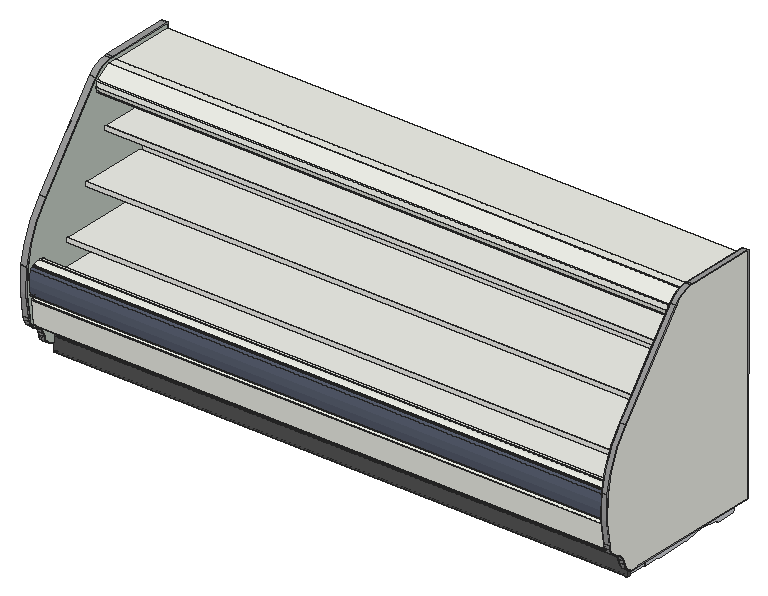
Revit family "IC2XSM_2014", category Specialty Equipment, Revit 2014
Parameters (values of type "12'-0" Length")
  Width = 144 1/2"
  Waste Drain = 1 1/4"  # constant formula
  URL = "www.hussmann.com"
  Type Comments = ""
  Trim = Stainless Steel
  Total Weight = Case Weight + (2 * End Weight)  # 1350.00 lbf
  Top Clearance = 1 1/2"  # constant formula
  Splashguard = Textured Sheet Metal (Steel Painted) - 701 Black
  Side Panel - Right [instance] = yes
  Side Panel - Left [instance] = yes
  Shelves = Sheet Metal (Steel Painted) - 700 Interior White
  Shelf Lights [instance] = yes
  Shelf = yes
  Revit Family Date = "11/25/2015"  # constant formula
  Refrigeration Lines Suction = 7/8"  # constant formula
  Refrigeration Lines Liquid = 3/8"  # constant formula
  Refrig. Suction = "Suction"
  Refrig. Liquid = "Liquid"
  Number of Shelves = 3  # constant formula
  Note from Manufacturer = "This model only comes in 4'-0\", 6'-0\", 8'-0\", and 12'-0\" lengths."
  Model = "IC2XSM"  # constant formula
  Manufacturer Disclaimer = "The information in this file is not intended to be an exact representation of the corresponding Hussmann product.  Further, we reserve the right to change or revise specifications and product design in connection with any feature of our products. Such changes do not entitle the buyer to corresponding changes, improvements, additions, or replacements for equipment previously sold or shipped."  # constant formula
  Manufacturer = "Hussmann Corporation"  # constant formula
  Height = 57 3/4"  # constant formula
  Ends = Textured Sheet Metal (Steel Painted) - 149 White Satin Matte
  End Weight = 75.00 lbf  # constant formula
  Drain Location = if(Width = 48 1/4", 24", if(Width = 72 1/4", 24", if(Width = 96 1/4", 24", if(Width = 144 1/2", 72", 0"))))  # 72"
  Description = ""
  Depth = 43 5/8"  # constant formula
  Clearance [instance] = no
  Case Weight = if(Width = 48 1/4", 600.00 lbf, if(Width = 72 1/4", 800.00 lbf, if(Width = 96 1/4", 1000.00 lbf, if(Width = 144 1/2", 1200.00 lbf, 0.00 lbf))))  # 1200.00 lbf
  Case Interior - Side Panel = Mirror
  Case Interior - Back Panel = Sheet Metal (Steel Painted) - 700 Interior White
  Case = Textured Sheet Metal (Steel Painted) - 149 White Satin Matte
  Bumper = Extruded PVC - 739 Royal Blue
  Back Clearance = 1 1/2"  # constant formula
  Assembly Code = ""
  Accessories/Options = ""
  8 Case = Width = 96 1/4"  # no
  6 Case = Width = 72 1/4"  # no
  12 Case = Width = 144 1/2"  # yes
Reference planes (in)
  plane 1 "Back": y = 0
  plane 2 "Bottom": z = 0
  plane 3 "Top": z = 57.75
  plane 4 "Left": x = -77.30699
  plane 5 "Front": y = -43.625
  plane 6 "Center (Left/Right)": x = -5.05699
  plane 7: y = 1.5
  plane 8: x = -78.80699
  plane 9 "Right": x = 67.19301
  plane 10: x = 68.69301
  plane 11: z = 24
  plane 12: z = 59.25
  plane 13: z = 44
  plane 14: z = 34
Forms (in)
  Extrusion 1, solid, material "Metal - Copper"
    sketch origin (63.0625, 1.04319, 0) x (1, 0, 0) y (0, 1, 0)
      loop
        arc (-67.86949, -33.91819) -> (-68.31143, -34.10125) -> (-68.49449, -34.54319) r 0.625
        arc (-68.49449, -34.54319) -> (-68.31143, -34.98513) -> (-67.86949, -35.16819) r 0.625
        arc (-67.86949, -35.16819) -> (-67.42754, -34.98513) -> (-67.24449, -34.54319) r 0.625
        arc (-67.24449, -34.54319) -> (-67.42754, -34.10125) -> (-67.86949, -33.91819) r 0.625
      loop
        circle (-67.86949, -34.54319) r 0.5852
    from 5.56944 to 0
  Extrusion 2, solid, material "Metal - Copper"
    sketch origin (57.40105, 5, -0.375) x (1, 0, 0) y (0, 1, 0)
      loop
        circle (0.85446, -33.75) r 0.41359
      loop
        circle (0.85446, -33.75) r 0.4375
    from 5.94444 to 0.375
  Extrusion 3, solid, material "Metal - Copper"
    sketch origin (59.82608, 5, -0.375) x (1, 0, 0) y (0, 1, 0)
      loop
        circle (-0.94557, -33.75) r 0.17188
      loop
        circle (-0.94557, -33.75) r 0.1875
    from 5.94444 to 0.375
  Extrusion 4, solid, material "Textured Sheet Metal (Steel Painted) - 149 White Satin Matte" <- "Case"
    sketch origin (-5.05699, 0, 0) x (0, 1, 0) y (0, 0, 1)
      loop
        line (-6.51268, 55.28301) -> (-6.51268, 16.6168) -> (-6.91828, 16.6168)
        arc (-6.91828, 16.6168) -> (-7.25281, 16.48835) -> (-7.41541, 16.16902) r 0.49985
        arc (-7.41541, 16.16902) -> (-7.47447, 15.77871) -> (-7.56901, 15.39546) r 4.3077
        line (-7.56901, 15.39546) -> (-8.2045, 15.37959)
        arc (-8.2045, 15.37959) -> (-8.38123, 15.45279) -> (-8.45443, 15.62952) r 0.24992
        line (-8.45443, 15.62952) -> (-8.45443, 15.73049) -> (-8.45443, 15.79247) -> (-8.45443, 15.9914)
        arc (-8.45443, 15.9914) -> (-8.50274, 16.10804) -> (-8.61938, 16.15635) r 0.16495
        line (-8.61938, 16.15635) -> (-19.37919, 16.15635)
        arc (-19.37919, 16.15635) -> (-19.46976, 16.12926) -> (-19.53058, 16.05688) r 0.16495
        arc (-19.53058, 16.05688) -> (-19.5914, 15.98451) -> (-19.68198, 15.95742) r 0.16495
        line (-19.68198, 15.95742) -> (-23.20989, 15.95742)
        arc (-23.20989, 15.95742) -> (-24.122, 15.92845) -> (-25.03043, 15.84168) r 14.37659
        line (-25.03043, 15.84168) -> (-35.57184, 14.49597)
        arc (-35.57184, 14.49597) -> (-35.67679, 14.43899) -> (-35.71578, 14.32612) r 0.16495
        arc (-35.71578, 14.32612) -> (-35.77516, 14.15509) -> (-35.93417, 14.06876) r 0.24992
        line (-35.93417, 14.06876) -> (-36.91851, 13.9431) -> (-37.91016, 13.81651) -> (-38.11168, 13.77211) -> (-38.07571, 20.77844) -> (-38.25187, 21.81799)
        arc (-38.25187, 21.81799) -> (-38.25909, 21.83942) -> (-38.27258, 21.85757) r 0.07227
        line (-38.27258, 21.85757) -> (-39.20515, 22.77024)
        arc (-39.20515, 22.77024) -> (-39.22358, 22.78334) -> (-39.24516, 22.79009) r 0.07227
        line (-39.24516, 22.79009) -> (-40.16281, 22.92531)
        arc (-40.16281, 22.92531) -> (-40.21579, 22.91231) -> (-40.24459, 22.86598) r 0.07227
        arc (-40.24459, 22.86598) -> (-40.25606, 22.90537) -> (-40.29138, 22.92472) r 0.05018
        arc (-40.29138, 22.92472) -> (-41.31228, 22.8713) -> (-42.26157, 22.49189) r 3.13128
        arc (-42.26157, 22.49189) -> (-42.28099, 22.47035) -> (-42.28525, 22.44165) r 0.05019
        line (-42.28525, 22.44165) -> (-42.27579, 22.37729) -> (-42.05045, 21.99713) -> (-42.05045, 16.25127) -> (-42.33423, 15.83056) -> (-42.30002, 15.86476)
        spline (-42.30002, 15.86476) -> (-42.29059, 15.8725) -> (-42.27983, 15.87825) -> (-42.26816, 15.8818) -> (-42.25602, 15.88299) -> (-42.24388, 15.8818) -> (-42.23221, 15.87826) -> (-42.22145, 15.87251) -> (-42.21202, 15.86477) -> (-42.20428, 15.85534) -> (-42.19853, 15.84458) -> (-42.19499, 15.8329) -> (-42.1938, 15.82076)
        line (-42.1938, 15.82076) -> (-42.1938, 15.22088)
        spline (-42.1938, 15.22088) -> (-42.19412, 15.21452) -> (-42.1951, 15.20822) -> (-42.19671, 15.20206) -> (-42.19894, 15.19609) -> (-42.20177, 15.19038) -> (-42.20517, 15.185) -> (-42.2091, 15.17998) -> (-42.21352, 15.1754) -> (-42.21839, 15.17129) -> (-42.22365, 15.16771) -> (-42.22925, 15.16468) -> (-42.23513, 15.16224)
        line (-42.23513, 15.16224) -> (-42.23513, 15.53376)
        arc (-42.23513, 15.53376) -> (-42.26764, 15.58072) -> (-42.32304, 15.56685) r 0.05018
        line (-42.32304, 15.56685) -> (-42.79839, 15.02504)
        arc (-42.79839, 15.02504) -> (-42.8051, 14.9686) -> (-42.75482, 14.9421) r 0.05018
        line (-42.75482, 14.9421) -> (-42.15842, 8.98607)
        arc (-42.15842, 8.98607) -> (-42.15023, 8.96325) -> (-42.13228, 8.94697) r 0.05001
        line (-42.13228, 8.94697) -> (-36.21803, 5.77883)
        arc (-36.21803, 5.77883) -> (-36.17994, 5.77504) -> (-36.15033, 5.7993) r 0.05001
        line (-36.15033, 5.7993) -> (-36.06631, 5.95614) -> (-35.24876, 5.51819) -> (-35.22368, 5.56503) -> (-8.50716, 5.56503) -> (0, 10.08456) -> (0, 57.49119) -> (-16.15054, 57.49119)
        arc (-16.15054, 57.49119) -> (-16.24473, 57.60061) -> (-16.38321, 57.64144) r 0.25527
        line (-16.38321, 57.64144) -> (-18.60529, 57.64144)
        arc (-18.60529, 57.64144) -> (-18.64062, 57.63632) -> (-18.67305, 57.62139) r 0.12446
        line (-18.67305, 57.62139) -> (-22.1328, 55.37618)
        arc (-22.1328, 55.37618) -> (-22.16668, 55.34362) -> (-22.18607, 55.30081) r 0.12446
        line (-22.18607, 55.30081) -> (-22.50408, 53.97531)
        arc (-22.50408, 53.97531) -> (-22.50751, 53.94551) -> (-22.50371, 53.91575) r 0.12446
        line (-22.50371, 53.91575) -> (-22.24784, 52.90392)
        arc (-22.24784, 52.90392) -> (-22.22266, 52.8546) -> (-22.1786, 52.82109) r 0.12446
        line (-22.1786, 52.82109) -> (-21.87607, 52.68383)
        arc (-21.87607, 52.68383) -> (-21.80412, 52.67441) -> (-21.73914, 52.70672) r 0.12446
        line (-21.73914, 52.70672) -> (-21.53411, 52.90052)
        arc (-21.53411, 52.90052) -> (-21.501, 52.95327) -> (-21.49758, 53.01546) r 0.12446
        line (-21.49758, 53.01546) -> (-21.69138, 53.98135) -> (-21.4421, 54.43753) -> (-21.06895, 54.43753)
        arc (-21.06895, 54.43753) -> (-21.02898, 54.47585) -> (-21.06559, 54.5174) r 0.04001
        line (-21.06559, 54.5174) -> (-18.86012, 54.5174)
        arc (-18.86012, 54.5174) -> (-18.83622, 54.5223) -> (-18.81617, 54.53621) r 0.06074
        line (-18.81617, 54.53621) -> (-17.43064, 55.91552) -> (-17.43064, 55.28301) -> (-6.51268, 55.28301)
    from 72.25 to -72.25
  Extrusion 5, solid, material "Extruded PVC - 739 Royal Blue" <- "Bumper"
    sketch origin (-5.05699, 0, 0) x (0, 1, 0) y (0, 0, 1)
      loop
        arc (-43.11312, 16.18449) -> (-42.90005, 15.91085) -> (-42.60529, 15.72811) r 0.98415
        arc (-42.60529, 15.72811) -> (-42.57223, 15.71559) -> (-42.53878, 15.70413) r 1.11061
        arc (-42.53878, 15.70413) -> (-42.45215, 15.70488) -> (-42.38343, 15.75762) r 0.1365
        line (-42.38343, 15.75762) -> (-42.05045, 16.25127) -> (-42.05045, 21.99713) -> (-42.27579, 22.37729)
        arc (-42.27579, 22.37729) -> (-42.44345, 22.35247) -> (-42.60529, 22.30215) r 1.09805
        arc (-42.60529, 22.30215) -> (-42.90005, 22.11941) -> (-43.11312, 21.84576) r 0.98415
        arc (-43.11312, 21.84576) -> (-43.55654, 19.01513) -> (-43.11312, 16.18449) r 9.25648
    from 72.25 to -72.25
  Extrusion 6, solid, material "Textured Sheet Metal (Steel Painted) - 701 Black" <- "Splashguard"
    sketch origin (-5.05699, 0, 0) x (0, 1, 0) y (0, 0, 1)
      loop
        line (-35.56829, 3.68546) -> (-35.56829, 0.06236)
        arc (-35.56829, 0.06236) -> (-35.54342, 0.01927) -> (-35.49366, 0.01927) r 0.04975
        line (-35.49366, 0.01927) -> (-35.41903, 0.06236) -> (-35.22157, 0.06236)
        arc (-35.22157, 0.06236) -> (-35.14226, 0.01346) -> (-35.08169, 0.08426) r 0.07165
        line (-35.08169, 0.08426) -> (-35.08169, 3.96765)
        arc (-35.08169, 3.96765) -> (-35.10889, 4.012) -> (-35.16075, 4.00785) r 0.04975
        line (-35.16075, 4.00785) -> (-35.54785, 3.72567)
        arc (-35.54785, 3.72567) -> (-35.56289, 3.70802) -> (-35.56829, 3.68546) r 0.04975
    from 72.25 to -72.25
  Extrusion 7, solid, material "Sheet Metal (Steel Painted) - 700 Interior White" <- "Shelves"
    sketch origin (-5.05699, 0, 0) x (0, 1, 0) y (0, 0, 1)
      loop
        line (-10.4778, 17.57743) -> (-36.46981, 17.57743) -> (-36.46981, 17.08433) -> (-36.88069, 17.08433)
        arc (-36.88069, 17.08433) -> (-36.98062, 17.07117) -> (-37.07375, 17.0326) r 0.38613
        line (-37.07375, 17.0326) -> (-37.21958, 16.9484) -> (-37.21958, 16.55649) -> (-37.17361, 16.55649) -> (-36.88705, 16.72194) -> (-35.47012, 16.72194) -> (-35.47012, 16.95262) -> (-10.4778, 16.95262) -> (-10.4778, 17.09957) -> (-9.827, 17.09957) -> (-9.827, 16.73668) -> (-8.93227, 16.73668) -> (-8.93227, 16.59821)
        arc (-8.93227, 16.59821) -> (-8.9027, 16.52683) -> (-8.83132, 16.49726) r 0.10095
        line (-8.83132, 16.49726) -> (-7.8816, 16.49726) -> (-7.8816, 17.10907) -> (-8.83132, 17.10907)
        arc (-8.83132, 17.10907) -> (-8.85434, 17.10641) -> (-8.87614, 17.09857) r 0.10095
        line (-8.87614, 17.09857) -> (-9.4931, 17.09857)
        arc (-9.4931, 17.09857) -> (-9.37611, 17.14803) -> (-9.32765, 17.26502) r 0.16545
        arc (-9.32765, 17.26502) -> (-9.37611, 17.38201) -> (-9.4931, 17.43047) r 0.16545
        line (-9.4931, 17.43047) -> (-9.62218, 17.52973) -> (-10.4778, 17.52973) -> (-10.4778, 17.57743)
      loop
        arc (-8.38145, 16.1856) -> (-8.41805, 16.27396) -> (-8.50641, 16.31056) r 0.12496
        line (-8.50641, 16.31056) -> (-19.45705, 16.31056)
        arc (-19.45705, 16.31056) -> (-19.54785, 16.28332) -> (-19.60866, 16.21059) r 0.16495
        arc (-19.60866, 16.21059) -> (-19.66947, 16.13786) -> (-19.76027, 16.11062) r 0.16495
        line (-19.76027, 16.11062) -> (-23.20989, 16.11062)
        arc (-23.20989, 16.11062) -> (-24.13172, 16.08135) -> (-25.04983, 15.99365) r 14.5298
        line (-25.04983, 15.99365) -> (-36.39594, 14.54521)
        arc (-36.39594, 14.54521) -> (-36.47504, 14.53479) -> (-36.55386, 14.52247) r 3.33048
        arc (-36.55386, 14.52247) -> (-36.67572, 14.4772) -> (-36.72694, 14.35772) r 0.16495
        line (-36.72694, 14.35772) -> (-36.72694, 14.26117)
        arc (-36.72694, 14.26117) -> (-36.78929, 14.09602) -> (-36.94522, 14.01326) r 0.24992
        line (-36.94522, 14.01326) -> (-37.9194, 13.8889) -> (-37.91016, 13.81651) -> (-36.91851, 13.9431) -> (-35.93417, 14.06876)
        arc (-35.93417, 14.06876) -> (-35.77516, 14.15509) -> (-35.71578, 14.32612) r 0.24992
        arc (-35.71578, 14.32612) -> (-35.67679, 14.43899) -> (-35.57184, 14.49597) r 0.16495
        line (-35.57184, 14.49597) -> (-25.03043, 15.84168)
        arc (-25.03043, 15.84168) -> (-24.122, 15.92845) -> (-23.20989, 15.95742) r 14.37659
        line (-23.20989, 15.95742) -> (-19.68198, 15.95742)
        arc (-19.68198, 15.95742) -> (-19.5914, 15.98451) -> (-19.53058, 16.05688) r 0.16495
        arc (-19.53058, 16.05688) -> (-19.46976, 16.12926) -> (-19.37919, 16.15635) r 0.16495
        line (-19.37919, 16.15635) -> (-8.61938, 16.15635)
        arc (-8.61938, 16.15635) -> (-8.50274, 16.10804) -> (-8.45443, 15.9914) r 0.16495
        line (-8.45443, 15.9914) -> (-8.45443, 15.79247) -> (-8.45443, 15.73049) -> (-8.45443, 15.62952)
        arc (-8.45443, 15.62952) -> (-8.38123, 15.45279) -> (-8.2045, 15.37959) r 0.24992
        line (-8.2045, 15.37959) -> (-7.8816, 15.38765) -> (-7.8816, 15.45257) -> (-8.13153, 15.45257)
        arc (-8.13153, 15.45257) -> (-8.30825, 15.52577) -> (-8.38145, 15.70249) r 0.24992
        line (-8.38145, 15.70249) -> (-8.38145, 15.80455) -> (-8.38145, 15.94567) -> (-8.38145, 16.1856)
    from 72.25 to -72.25
  Extrusion 8, solid, material "Sheet Metal (Steel Painted) - 700 Interior White" <- "Case Interior - Back Panel"
    sketch origin (-4.80699, 0, 0) x (0, 1, 0) y (0, 0, 1)
      loop
        line (-15.11373, 52.03768) -> (-17.48478, 54.28772) -> (-17.13898, 54.65211) -> (-18.79829, 54.38229)
        arc (-18.79829, 54.38229) -> (-18.90455, 54.41406) -> (-18.94535, 54.51719) r 0.12702
        line (-18.94535, 54.51719) -> (-18.84323, 54.51719)
        arc (-18.84323, 54.51719) -> (-18.82417, 54.52098) -> (-18.80802, 54.53177) r 0.04979
        line (-18.80802, 54.53177) -> (-17.43064, 55.90915) -> (-17.43064, 55.10072) -> (-6.52204, 55.10072) -> (-6.52204, 16.73918) -> (-7.8816, 16.73918) -> (-7.8816, 52.59431) -> (-14.15679, 52.64908) -> (-14.94727, 51.81609) -> (-15.14764, 52.00624)
        arc (-15.14764, 52.00624) -> (-15.14849, 52.03886) -> (-15.11587, 52.03971) r 0.02307
      loop
        line (-20.44442, 54.47045) -> (-20.44442, 53.3052) -> (-19.25921, 53.3052) -> (-19.25921, 54.47045) -> (-20.44442, 54.47045)
    from 72 to -72.5
  Extrusion 9, solid, material "Mirror" <- "Case Interior - Side Panel", visible <- "Side Panel - Right"
    sketch origin (67.19301, 0, 0) x (0, 0, 1) y (0, -1, 0)
      loop
        line (58.45845, -0.42019) -> (58.45845, 17.08687)
        arc (58.45845, 17.08687) -> (58.45144, 17.38892) -> (58.43044, 17.69032) r 6.51377
        arc (58.43044, 17.69032) -> (57.67002, 20.19326) -> (55.98624, 22.1952) r 6.51377
        line (55.98624, 22.1952) -> (48.37911, 28.21373) -> (35.91133, 38.07787)
        arc (35.91133, 38.07787) -> (29.64787, 41.83706) -> (22.63345, 43.87677) r 28.43999
        arc (22.63345, 43.87677) -> (16.73603, 44.17307) -> (10.90454, 43.24515) r 28.43999
        line (10.90454, 43.24515) -> (9.93712, 42.98593)
        arc (9.93712, 42.98593) -> (8.74653, 42.38199) -> (7.9008, 41.34904) r 3.23789
        line (7.9008, 41.34904) -> (7.24515, 40.08479)
        arc (7.24515, 40.08479) -> (6.52375, 39.20369) -> (5.50819, 38.68853) r 2.7619
        line (5.50819, 38.68853) -> (4.55831, 38.43401)
        arc (4.55831, 38.43401) -> (2.8278, 37.28186) -> (2.15846, 35.3136) r 3.22859
        line (2.15846, 35.3136) -> (2.15846, 34.26342) -> (2.34846, 34.26342) -> (2.34846, -0.42019) -> (58.45845, -0.42019)
    from 0.03125 to 0
  Extrusion 10, solid, material "Textured Sheet Metal (Steel Painted) - 149 White Satin Matte" <- "Ends"
    sketch origin (67.19301, 0, 0) x (0, 0, 1) y (0, -1, 0)
      loop
        line (58.45845, -0.42019) -> (58.45845, 17.08687)
        arc (58.45845, 17.08687) -> (58.45144, 17.38892) -> (58.43044, 17.69032) r 6.51377
        arc (58.43044, 17.69032) -> (57.67002, 20.19326) -> (55.98624, 22.1952) r 6.51377
        line (55.98624, 22.1952) -> (48.37911, 28.21373) -> (35.91133, 38.07787)
        arc (35.91133, 38.07787) -> (29.64787, 41.83706) -> (22.63345, 43.87677) r 28.43999
        arc (22.63345, 43.87677) -> (16.73603, 44.17307) -> (10.90454, 43.24515) r 28.43999
        line (10.90454, 43.24515) -> (9.93712, 42.98593)
        arc (9.93712, 42.98593) -> (8.74653, 42.38199) -> (7.9008, 41.34904) r 3.23789
        line (7.9008, 41.34904) -> (7.24515, 40.08479)
        arc (7.24515, 40.08479) -> (6.52375, 39.20369) -> (5.50819, 38.68853) r 2.7619
        line (5.50819, 38.68853) -> (4.55831, 38.43401)
        arc (4.55831, 38.43401) -> (2.8278, 37.28186) -> (2.15846, 35.3136) r 3.22859
        line (2.15846, 35.3136) -> (2.15846, 34.26342) -> (2.34846, 34.26342) -> (2.34846, -0.42019) -> (58.45845, -0.42019)
    from 0.03125 to 1.5
  Extrusion 11, solid, material "Textured Sheet Metal (Steel Painted) - 149 White Satin Matte" <- "Ends"
    sketch origin (-77.30699, 0, 0) x (0, 1, 0) y (0, 0, 1)
      loop
        line (0.42023, 58.45844) -> (-17.08683, 58.45844)
        arc (-17.08683, 58.45844) -> (-17.38888, 58.45144) -> (-17.69028, 58.43043) r 6.51377
        arc (-17.69028, 58.43043) -> (-20.19322, 57.67002) -> (-22.19516, 55.98623) r 6.51377
        line (-22.19516, 55.98623) -> (-28.21369, 48.37911) -> (-38.07783, 35.91133)
        arc (-38.07783, 35.91133) -> (-41.83702, 29.64787) -> (-43.87673, 22.63345) r 28.43999
        arc (-43.87673, 22.63345) -> (-44.17303, 16.73603) -> (-43.24511, 10.90453) r 28.43999
        line (-43.24511, 10.90453) -> (-42.98589, 9.93711)
        arc (-42.98589, 9.93711) -> (-42.38195, 8.74653) -> (-41.34899, 7.9008) r 3.23789
        line (-41.34899, 7.9008) -> (-40.08475, 7.24515)
        arc (-40.08475, 7.24515) -> (-39.20365, 6.52375) -> (-38.68849, 5.50818) r 2.7619
        line (-38.68849, 5.50818) -> (-38.43397, 4.5583)
        arc (-38.43397, 4.5583) -> (-37.28182, 2.8278) -> (-35.31355, 2.15845) r 3.22859
        line (-35.31355, 2.15845) -> (-34.26338, 2.15845) -> (-34.26338, 2.34845) -> (0.42023, 2.34845) -> (0.42023, 58.45844)
    from -1.5 to -0.03125
  Extrusion 12, solid, material "Mirror" <- "Case Interior - Side Panel"
    sketch origin (-77.30699, 0, 0) x (0, 1, 0) y (0, 0, 1)
      loop
        line (0.42019, 58.45845) -> (-17.08687, 58.45845)
        arc (-17.08687, 58.45845) -> (-17.38892, 58.45144) -> (-17.69032, 58.43044) r 6.51377
        arc (-17.69032, 58.43044) -> (-20.19326, 57.67002) -> (-22.1952, 55.98624) r 6.51377
        line (-22.1952, 55.98624) -> (-28.21373, 48.37911) -> (-38.07787, 35.91133)
        arc (-38.07787, 35.91133) -> (-41.83706, 29.64787) -> (-43.87677, 22.63345) r 28.43999
        arc (-43.87677, 22.63345) -> (-44.17307, 16.73603) -> (-43.24515, 10.90454) r 28.43999
        line (-43.24515, 10.90454) -> (-42.98593, 9.93712)
        arc (-42.98593, 9.93712) -> (-42.38199, 8.74653) -> (-41.34904, 7.9008) r 3.23789
        line (-41.34904, 7.9008) -> (-40.08479, 7.24515)
        arc (-40.08479, 7.24515) -> (-39.20369, 6.52375) -> (-38.68853, 5.50819) r 2.7619
        line (-38.68853, 5.50819) -> (-38.43401, 4.55831)
        arc (-38.43401, 4.55831) -> (-37.28186, 2.8278) -> (-35.3136, 2.15846) r 3.22859
        line (-35.3136, 2.15846) -> (-34.26342, 2.15846) -> (-34.26342, 2.34846) -> (0.42019, 2.34846) -> (0.42019, 58.45845)
    from -0.03125 to 0
  Sweep 13, solid, material "Stainless Steel" <- "Trim"
    path origin (67.19301, 0, 0) x (0, 0, 1) y (0, -1, 0)
      loop
        line (58.45843, -0.42017) -> (58.45843, 17.0869)
        arc (58.45843, 17.0869) -> (58.45142, 17.38894) -> (58.43042, 17.69034) r 6.51377
        arc (58.43042, 17.69034) -> (57.67, 20.19328) -> (55.98622, 22.19522) r 6.51377
        line (55.98622, 22.19522) -> (48.37909, 28.21375) -> (35.91131, 38.07789)
        arc (35.91131, 38.07789) -> (29.64785, 41.83709) -> (22.63343, 43.87679) r 28.43999
        arc (22.63343, 43.87679) -> (16.73601, 44.17309) -> (10.90452, 43.24517) r 28.43999
        line (10.90452, 43.24517) -> (9.9371, 42.98595)
        arc (9.9371, 42.98595) -> (8.74651, 42.38201) -> (7.90078, 41.34906) r 3.23789
        line (7.90078, 41.34906) -> (7.24513, 40.08482)
        arc (7.24513, 40.08482) -> (6.52373, 39.20371) -> (5.50817, 38.68855) r 2.7619
        line (5.50817, 38.68855) -> (4.55829, 38.43403)
        arc (4.55829, 38.43403) -> (2.82778, 37.28188) -> (2.15843, 35.31362) r 3.22859
        line (2.15843, 35.31362) -> (2.15843, 34.26344) -> (2.34844, 34.26344) -> (2.34844, -0.42017) -> (58.45843, -0.42017)
    profile origin (67.19301, -8.33336, 58.45843) x (0, 0, -1) y (1, 0, 0)
      loop
        line (-0.00002, 0) -> (-0.00002, 1.5) -> (-0.03127, 1.5) -> (-0.03127, 0) -> (-0.00002, 0)
  Sweep 14, solid, material "Stainless Steel" <- "Trim"
    path origin (-77.30699, 0, 0) x (0, 1, 0) y (0, 0, 1)
      loop
        line (0.42019, 58.45845) -> (-17.08687, 58.45845)
        arc (-17.08687, 58.45845) -> (-17.38892, 58.45144) -> (-17.69032, 58.43044) r 6.51377
        arc (-17.69032, 58.43044) -> (-20.19326, 57.67002) -> (-22.1952, 55.98624) r 6.51377
        line (-22.1952, 55.98624) -> (-28.21373, 48.37911) -> (-38.07787, 35.91133)
        arc (-38.07787, 35.91133) -> (-41.83706, 29.64787) -> (-43.87677, 22.63345) r 28.43999
        arc (-43.87677, 22.63345) -> (-44.17307, 16.73603) -> (-43.24515, 10.90454) r 28.43999
        line (-43.24515, 10.90454) -> (-42.98593, 9.93712)
        arc (-42.98593, 9.93712) -> (-42.38199, 8.74653) -> (-41.34904, 7.9008) r 3.23789
        line (-41.34904, 7.9008) -> (-40.08479, 7.24515)
        arc (-40.08479, 7.24515) -> (-39.20369, 6.52375) -> (-38.68853, 5.50819) r 2.7619
        line (-38.68853, 5.50819) -> (-38.43401, 4.55831)
        arc (-38.43401, 4.55831) -> (-37.28186, 2.8278) -> (-35.3136, 2.15846) r 3.22859
        line (-35.3136, 2.15846) -> (-34.26342, 2.15846) -> (-34.26342, 2.34846) -> (0.42019, 2.34846) -> (0.42019, 58.45845)
    profile origin (-77.30699, -8.33334, 58.45845) x (0, 0, -1) y (1, 0, 0)
      loop
        line (-0.00004, 0) -> (-0.03129, 0) -> (-0.03129, -1.5) -> (-0.00004, -1.5) -> (-0.00004, 0)
  Extrusion 15, solid, material "Textured Sheet Metal (Steel Painted) - 149 White Satin Matte" <- "Case"
    sketch origin (-5.05699, 0, 0) x (0, 1, 0) y (0, 0, 1)
      loop
        line (-35.08169, 2.14108) -> (-35.04686, 2.14108) -> (-35.04686, 4.52666)
        arc (-35.04686, 4.52666) -> (-35.05352, 4.55153) -> (-35.07173, 4.56974) r 0.04975
        line (-35.07173, 4.56974) -> (-36.06979, 5.14597) -> (-36.06979, 5.80949) -> (-36.10461, 5.80949) -> (-36.10461, 5.15459)
        arc (-36.10461, 5.15459) -> (-36.09795, 5.12971) -> (-36.07974, 5.1115) r 0.04975
        line (-36.07974, 5.1115) -> (-35.08169, 4.53527) -> (-35.08169, 2.14108)
    from 72.25 to -72.25
Lines and regions (in)
  reference lines
    curve 1: line (-4.80699, -43.625, 0) -> (-4.80699, 0, 0)
    curve 2: line (64.69301, -43.625, 0) -> (64.69301, 0, 0)
    curve 3: line (58.69301, -43.625, 0) -> (58.69301, 0, 0)
    curve 4: line (-77.30699, -33.5, 0) -> (67.19301, -33.5, 0)
    curve 5: line (67.19301, -28.75, 0) -> (-77.30699, -28.75, 0)
  symbolic lines, style "Clearance", visible <- "Clearance"
    curve 6: line (-77.30699, 1.5, 0) -> (67.19301, 1.5, 0)
    curve 7: line (67.19301, 1.5, 0) -> (67.19301, 0.02372, 0)
    curve 8: line (-77.30699, 1.5, 0) -> (-77.30699, 0, 0)
    curve 9: line (-5.05699, 0, 58.4897) -> (-5.05699, 0, 59.25)
    curve 10: line (-5.05699, 0, 59.25) -> (-5.05699, -22.50751, 59.25)
    curve 11: line (-5.05699, -22.50751, 55.6419) -> (-5.05699, -22.50751, 59.25)
    curve 12: line (-5.05699, 0.45144, 57.49119) -> (-5.05699, 1.5, 57.49119)
    curve 13: line (-5.05699, 1.5, 57.49119) -> (-5.05699, 1.5, 0)
    curve 14: line (-77.30699, -40, 57.44929) -> (-77.30699, -40, 59.25)
    curve 15: line (-77.30699, -40, 59.25) -> (67.19301, -40, 59.25)
    curve 16: line (67.19301, -40, 59.25) -> (67.19301, -40, 57.44929)
  model lines, style "SpecialityEquipment", detail levels fine
    curve 17: line (-5.05699, -40.99362, 16.55691) -> (-5.05699, -40.99362, 12.7182)
    curve 18: arc (-5.05699, -40.99362, 12.7182) -> (-5.05699, -40.95821, 12.53456) -> (-5.05699, -40.85705, 12.37725) r 0.49387
    curve 19: line (-5.05699, -40.85705, 12.37725) -> (-5.05699, -40.17548, 11.71682)
    curve 20: arc (-5.05699, -40.17548, 11.71682) -> (-5.05699, -40.06713, 11.55465) -> (-5.05699, -40.02908, 11.36337) r 0.49985
    curve 21: line (-5.05699, -40.02908, 11.36337) -> (-5.05699, -40.02908, 10.88856)
    curve 22: arc (-5.05699, -40.02908, 10.88856) -> (-5.05699, -39.88268, 10.53511) -> (-5.05699, -39.52923, 10.38871) r 0.49985
    curve 23: line (-5.05699, -39.52923, 10.38871) -> (-5.05699, -38.69968, 10.38871)
    curve 24: arc (-5.05699, -38.69968, 10.38871) -> (-5.05699, -38.35246, 10.24843) -> (-5.05699, -38.20014, 9.90631) r 0.49985
    curve 25: line (-5.05699, -38.20014, 9.90631) -> (-5.05699, -38.19034, 9.62576)
    curve 26: arc (-5.05699, -38.19034, 9.62576) -> (-5.05699, -38.1151, 9.37898) -> (-5.05699, -37.92683, 9.2026) r 0.49985
    curve 27: line (-5.05699, -37.92683, 9.2026) -> (-5.05699, -37.22246, 8.82528)
    curve 28: arc (-5.05699, -37.22246, 8.82528) -> (-5.05699, -37.10811, 8.78108) -> (-5.05699, -36.98643, 8.76605) r 0.49985
    curve 29: line (-5.05699, -36.98643, 8.76605) -> (-5.05699, -34.78966, 8.76605)
    curve 30: arc (-5.05699, -34.78966, 8.76605) -> (-5.05699, -34.53974, 8.83301) -> (-5.05699, -34.35678, 9.01597) r 0.49985
    curve 31: line (-5.05699, -34.35678, 9.01597) -> (-5.05699, -33.70852, 10.13879)
    curve 32: arc (-5.05699, -33.70852, 10.13879) -> (-5.05699, -33.52557, 10.32175) -> (-5.05699, -33.27564, 10.38871) r 0.49985
    curve 33: line (-5.05699, -33.27564, 10.38871) -> (-5.05699, -24.44274, 10.38871)
    curve 34: line (-5.05699, -24.44274, 10.38871) -> (-5.05699, -11.07263, 12.35589)
    curve 35: arc (-5.05699, -11.07263, 12.35589) -> (-5.05699, -8.87679, 13.36385) -> (-5.05699, -7.56901, 15.39546) r 4.3077
    curve 36: line (-5.05699, -35.22368, 5.56503) -> (-5.05699, -42.01761, 9.20439)
    curve 37: arc (-5.05699, -42.01761, 9.20439) -> (-5.05699, -42.04161, 9.22728) -> (-5.05699, -42.05045, 9.25925) r 0.06223
    curve 38: line (-5.05699, -42.05045, 9.25925) -> (-5.05699, -42.05045, 21.99713)
    curve 39: line (-5.05699, -42.05045, 21.99713) -> (-5.05699, -41.00111, 21.99713)
    curve 40: line (-5.05699, -41.00111, 21.99713) -> (-5.05699, -41.00111, 13.75168)
    curve 41: line (-5.05699, -41.00111, 13.75168) -> (-5.05699, -40.99362, 16.55691)
  model lines, style "SpecialityEquipment", not visible, detail levels fine
    curve 42: line (-5.05699, -40.99362, 16.55691) -> (-5.05699, -40.99362, 12.7182)
    curve 43: arc (-5.05699, -40.99362, 12.7182) -> (-5.05699, -40.95821, 12.53456) -> (-5.05699, -40.85705, 12.37725) r 0.49387
    curve 44: line (-5.05699, -40.85705, 12.37725) -> (-5.05699, -40.17548, 11.71682)
    curve 45: arc (-5.05699, -40.17548, 11.71682) -> (-5.05699, -40.06713, 11.55465) -> (-5.05699, -40.02908, 11.36337) r 0.49985
    curve 46: line (-5.05699, -40.02908, 11.36337) -> (-5.05699, -40.02908, 10.88856)
    curve 47: arc (-5.05699, -40.02908, 10.88856) -> (-5.05699, -39.88268, 10.53511) -> (-5.05699, -39.52923, 10.38871) r 0.49985
    curve 48: line (-5.05699, -39.52923, 10.38871) -> (-5.05699, -38.69968, 10.38871)
    curve 49: arc (-5.05699, -38.69968, 10.38871) -> (-5.05699, -38.35246, 10.24843) -> (-5.05699, -38.20014, 9.90631) r 0.49985
    curve 50: line (-5.05699, -38.20014, 9.90631) -> (-5.05699, -38.19034, 9.62576)
    curve 51: arc (-5.05699, -38.19034, 9.62576) -> (-5.05699, -38.1151, 9.37898) -> (-5.05699, -37.92683, 9.2026) r 0.49985
    curve 52: line (-5.05699, -37.92683, 9.2026) -> (-5.05699, -37.22246, 8.82528)
    curve 53: arc (-5.05699, -37.22246, 8.82528) -> (-5.05699, -37.10811, 8.78108) -> (-5.05699, -36.98643, 8.76605) r 0.49985
    curve 54: line (-5.05699, -36.98643, 8.76605) -> (-5.05699, -34.78966, 8.76605)
    curve 55: arc (-5.05699, -34.78966, 8.76605) -> (-5.05699, -34.53974, 8.83301) -> (-5.05699, -34.35678, 9.01597) r 0.49985
    curve 56: line (-5.05699, -34.35678, 9.01597) -> (-5.05699, -33.70852, 10.13879)
    curve 57: arc (-5.05699, -33.70852, 10.13879) -> (-5.05699, -33.52557, 10.32175) -> (-5.05699, -33.27564, 10.38871) r 0.49985
    curve 58: line (-5.05699, -33.27564, 10.38871) -> (-5.05699, -24.44274, 10.38871)
    curve 59: line (-5.05699, -24.44274, 10.38871) -> (-5.05699, -11.07263, 12.35589)
    curve 60: arc (-5.05699, -11.07263, 12.35589) -> (-5.05699, -8.87679, 13.36385) -> (-5.05699, -7.56901, 15.39546) r 4.3077
    curve 61: line (-5.05699, -35.22368, 5.56503) -> (-5.05699, -42.01761, 9.20439)
    curve 62: arc (-5.05699, -42.01761, 9.20439) -> (-5.05699, -42.04161, 9.22728) -> (-5.05699, -42.05045, 9.25925) r 0.06223
    curve 63: line (-5.05699, -42.05045, 9.25925) -> (-5.05699, -42.05045, 21.99713)
    curve 64: line (-5.05699, -42.05045, 21.99713) -> (-5.05699, -41.00111, 21.99713)
    curve 65: line (-5.05699, -41.00111, 21.99713) -> (-5.05699, -41.00111, 13.75168)
    curve 66: line (-5.05699, -41.00111, 13.75168) -> (-5.05699, -40.99362, 16.55691)
Dimensions and locks (in)
  equal spacing: plane 4 "Left", plane 6 "Center (Left/Right)", plane 9 "Right"
  locked: plane 8 to plane 4 "Left" at 1.5
  "Width": plane 4 "Left" to plane 9 "Right"
  locked: curve 2 to plane 9 "Right" at 2.5
  "Drain Location": curve 1 to plane 9 "Right"
  "Depth": plane 5 "Front" to plane 1 "Back"
  "Back Clearance": plane 1 "Back" to plane 7
  locked: curve 3 to plane 9 "Right" at 8.5
  "Height": plane 3 "Top" to level
  locked: plane 1 "Back" to curve 4 at 33.5
  locked: plane 1 "Back" to curve 5 at 28.75
  locked: plane 9 "Right" to plane 10 at 1.5
  locked: plane 11 to level at 24
  locked: plane 13 to level at 44
  "Top Clearance": plane 12 to plane 3 "Top"
  locked: Extrusion 1 sketch curve to Extrusion 1 sketch curve at 0.0398
  locked: Extrusion 3 sketch curve to Extrusion 3 sketch curve at 0.01562
  locked: Extrusion 2 sketch curve to Extrusion 2 sketch curve at 0.02391
  nested 7 to plane 6 "Center (Left/Right)" to nested 8 = 24" locked, 24" locked
  locked: plane 14 to level at 34
  "Waste Drain": diameter of Extrusion 1 sketch curve
  "Refrigeration Lines Liquid": diameter of Extrusion 3 sketch curve
  "Refrigeration Lines Suction": diameter of Extrusion 2 sketch curve
  aligned and locked: plane 5 "Front" to curve 1
  aligned and locked: plane 5 "Front" to curve 2
  aligned and locked: plane 4 "Left" to curve 4
  aligned and locked: plane 4 "Left" to curve 5
  aligned and locked: plane 9 "Right" to curve 5
  aligned and locked: plane 9 "Right" to curve 4
  aligned and locked: Extrusion 2 to level
  aligned and locked: Extrusion 3 to level
  aligned and locked: curve 5 to Extrusion 3 sketch curve  (x4)
  aligned and locked: curve 5 to Extrusion 2 sketch curve  (x4)
  aligned and locked: curve 4 to Extrusion 1 sketch curve  (x3)
  aligned and locked: curve 1 to Extrusion 1 sketch curve
  aligned and locked: curve 3 to Extrusion 3 sketch curve
  aligned and locked: curve 3 to Extrusion 2 sketch curve
  aligned and locked: Extrusion 4 to plane 4 "Left"
  aligned and locked: plane 9 "Right" to Extrusion 4
  aligned and locked: Extrusion 8 to plane 4 "Left"
  aligned and locked: plane 9 "Right" to Extrusion 8
  aligned and locked: Extrusion 7 to plane 4 "Left"
  aligned and locked: plane 9 "Right" to Extrusion 7
  aligned and locked: Extrusion 5 to plane 4 "Left"
  aligned and locked: plane 9 "Right" to Extrusion 5
  aligned and locked: plane 11 to nested 1
  aligned and locked: Extrusion 8 to nested 1
  aligned and locked: Extrusion 8 to nested 2
  aligned and locked: Extrusion 9 to plane 9 "Right"
  aligned and locked: plane 4 "Left" to nested 2
  aligned and locked: plane 4 "Left" to nested 1
  aligned and locked: plane 9 "Right" to Extrusion 6
  aligned and locked: Extrusion 6 to plane 4 "Left"
  aligned and locked: plane 4 "Left" to nested 3
  aligned and locked: nested 1 to nested 3
  aligned and locked: plane 1 "Back" to nested 4
  aligned and locked: plane 4 "Left" to nested 4
  aligned and locked: nested 6 to plane 1 "Back"
  aligned and locked: plane 9 "Right" to nested 6
  aligned and locked: plane 1 "Back" to nested 5
  aligned and locked: plane 6 "Center (Left/Right)" to nested 5
  aligned and locked: nested 8 to plane 1 "Back"
  aligned and locked: plane 1 "Back" to nested 7
  aligned and locked: curve 6 to plane 7
  aligned and locked: curve 8 to plane 4 "Left"
  aligned and locked: curve 7 to plane 9 "Right"
  aligned and locked: curve 13 to plane 7
  aligned and locked: plane 12 to curve 15
  aligned and locked: curve 16 to plane 9 "Right"
  aligned and locked: plane 4 "Left" to curve 14
  aligned and locked: plane 6 "Center (Left/Right)" to nested 9
  aligned and locked: plane 1 "Back" to nested 9
  aligned and locked: nested 2 to nested 10
  aligned and locked: plane 4 "Left" to nested 11
  aligned and locked: Extrusion 8 to nested 11
  aligned and locked: Extrusion 10 to Extrusion 9
  aligned and locked: plane 10 to Extrusion 10
  aligned and locked: plane 8 to Extrusion 11
  aligned and locked: Extrusion 12 to Extrusion 11
  aligned and locked: plane 4 "Left" to Extrusion 12
  aligned and locked: Sweep 13 sketch curve to Extrusion 9
  aligned and locked: plane 10 to Sweep 13 sketch curve
  aligned and locked: Sweep 14 sketch curve to Extrusion 12
  aligned and locked: Sweep 14 sketch curve to plane 8
  aligned and locked: plane 13 to nested 2
  aligned and locked: nested 12 to nested 13
  aligned and locked: plane 14 to nested 12
  aligned and locked: Extrusion 15 to plane 4 "Left"
  aligned and locked: plane 9 "Right" to Extrusion 15
Automatic sketch dimensions
  plane 1 "Back" to curve 8 = 0"
  curve 7 to plane 1 "Back" = 0.02372"
  level to Extrusion 6 sketch curve = 0.06236"  (x2)
  level to Extrusion 6 sketch curve = 3.72567"
  Extrusion 6 sketch curve to Extrusion 6 sketch curve = 0.02045"
  Extrusion 6 sketch curve to Extrusion 6 sketch curve = 0.04975"  (x2)
  level to Extrusion 6 sketch curve = 0.01927"
  Extrusion 6 sketch curve to Extrusion 6 sketch curve = 0.07463"
  Extrusion 6 sketch curve to Extrusion 6 sketch curve = 0.19746"
  level to Extrusion 6 sketch curve = 4.00785"
  Extrusion 6 sketch curve to Extrusion 6 sketch curve = 0.06823"
  Extrusion 6 sketch curve to Extrusion 6 sketch curve = 0.02931"
  Extrusion 6 sketch curve to Extrusion 6 sketch curve = 0.04021"
  Extrusion 7 sketch curve to Extrusion 7 sketch curve = 0"  (x6)
  plane 5 "Front" to Extrusion 7 sketch curve = 5.7056"
  Extrusion 7 sketch curve to Extrusion 7 sketch curve = 0.00924"
  Extrusion 7 sketch curve to Extrusion 7 sketch curve = 0.69982"
  Extrusion 7 sketch curve to Extrusion 7 sketch curve = 0.04597"
  Extrusion 7 sketch curve to Extrusion 7 sketch curve = 0.14583"
  Extrusion 7 sketch curve to Extrusion 7 sketch curve = 0.94253"
  Extrusion 7 sketch curve to Extrusion 7 sketch curve = 0.03165"  (x2)
  Extrusion 7 sketch curve to Extrusion 7 sketch curve = 0.02671"
  Extrusion 7 sketch curve to Extrusion 7 sketch curve = 0.28657"
  Extrusion 7 sketch curve to Extrusion 7 sketch curve = 0.00636"
  Extrusion 7 sketch curve to Extrusion 7 sketch curve = 0.24992"  (x2)
  Extrusion 7 sketch curve to Extrusion 7 sketch curve = 0.16495"  (x3)
  Extrusion 7 sketch curve to Extrusion 7 sketch curve = 0.41087"
  Extrusion 7 sketch curve to Extrusion 7 sketch curve = 0.16605"
  Extrusion 7 sketch curve to Extrusion 7 sketch curve = 0.91812"
  Extrusion 7 sketch curve to Extrusion 7 sketch curve = 0.43012"
  Extrusion 7 sketch curve to Extrusion 7 sketch curve = 0.39398"
  Extrusion 7 sketch curve to Extrusion 7 sketch curve = 0.02089"
  Extrusion 7 sketch curve to Extrusion 7 sketch curve = 0.99969"
  Extrusion 7 sketch curve to plane 11 = 8.00635"
  Extrusion 7 sketch curve to Extrusion 7 sketch curve = 10.42029"
  Extrusion 7 sketch curve to plane 11 = 8.15832"
  Extrusion 7 sketch curve to Extrusion 7 sketch curve = 0.0194"
  Extrusion 7 sketch curve to Extrusion 7 sketch curve = 1.82053"
  Extrusion 7 sketch curve to Extrusion 7 sketch curve = 3.44963"
  Extrusion 7 sketch curve to Extrusion 7 sketch curve = 0.07829"
  Extrusion 7 sketch curve to Extrusion 7 sketch curve = 0.22493"
  Extrusion 7 sketch curve to Extrusion 7 sketch curve = 0.07786"
  Extrusion 7 sketch curve to Extrusion 7 sketch curve = 8.90139"
  Extrusion 7 sketch curve to Extrusion 7 sketch curve = 0.6508"
  Extrusion 7 sketch curve to Extrusion 7 sketch curve = 0.20482"
  Extrusion 7 sketch curve to Extrusion 7 sketch curve = 0.12908"
  Extrusion 7 sketch curve to Extrusion 7 sketch curve = 0.56083"
  Extrusion 7 sketch curve to Extrusion 7 sketch curve = 0.05613"
  Extrusion 7 sketch curve to Extrusion 7 sketch curve = 0.04482"
  Extrusion 7 sketch curve to Extrusion 7 sketch curve = 0.10095"
  Extrusion 7 sketch curve to Extrusion 7 sketch curve = 0.21194"
  Extrusion 7 sketch curve to Extrusion 7 sketch curve = 0.11297"
  Extrusion 7 sketch curve to Extrusion 7 sketch curve = 0.07298"  (x2)
  Extrusion 7 sketch curve to Extrusion 7 sketch curve = 0.17695"
  Extrusion 7 sketch curve to Extrusion 7 sketch curve = 0.49985"
  Extrusion 7 sketch curve to plane 11 = 8.19545"
  Extrusion 7 sketch curve to Extrusion 7 sketch curve = 0.01208"
  Extrusion 7 sketch curve to Extrusion 7 sketch curve = 0.06198"
  Extrusion 7 sketch curve to Extrusion 7 sketch curve = 0.02799"
  Extrusion 7 sketch curve to Extrusion 7 sketch curve = 0.10097"
  Extrusion 7 sketch curve to Extrusion 7 sketch curve = 0.06492"
  Extrusion 7 sketch curve to plane 11 = 9.45479"
  Extrusion 7 sketch curve to Extrusion 7 sketch curve = 0.04924"
  Extrusion 7 sketch curve to Extrusion 7 sketch curve = 3/16"
  Extrusion 7 sketch curve to Extrusion 7 sketch curve = 0.16362"
  Extrusion 7 sketch curve to Extrusion 7 sketch curve = 0.01567"
  Extrusion 7 sketch curve to Extrusion 7 sketch curve = 0.09655"
  Extrusion 7 sketch curve to Extrusion 7 sketch curve = 0.24791"
  Extrusion 7 sketch curve to Extrusion 7 sketch curve = 0.07016"
  Extrusion 7 sketch curve to Extrusion 7 sketch curve = 2.83046"
  level to Extrusion 7 sketch curve = 1.58082"
  Extrusion 7 sketch curve to Extrusion 7 sketch curve = 0.14112"
  Extrusion 7 sketch curve to Extrusion 7 sketch curve = 0.03399"
  Extrusion 7 sketch curve to Extrusion 7 sketch curve = 0.04574"
  Extrusion 7 sketch curve to Extrusion 7 sketch curve = 0.01175"
  Extrusion 7 sketch curve to Extrusion 7 sketch curve = 0.01075"
  Extrusion 7 sketch curve to Extrusion 7 sketch curve = 0.02924"
  Extrusion 7 sketch curve to Extrusion 7 sketch curve = 0.1867"
  Extrusion 7 sketch curve to Extrusion 7 sketch curve = 2.03402"
  Extrusion 7 sketch curve to Extrusion 7 sketch curve = 0.14171"
  Extrusion 7 sketch curve to Extrusion 7 sketch curve = 0.02374"
  Extrusion 7 sketch curve to Extrusion 7 sketch curve = 0.13847"
  Extrusion 7 sketch curve to Extrusion 7 sketch curve = 0.39191"
  Extrusion 7 sketch curve to Extrusion 7 sketch curve = 0.23068"
  Extrusion 7 sketch curve to Extrusion 7 sketch curve = 0.27143"
  Extrusion 7 sketch curve to Extrusion 7 sketch curve = 0.0842"
  Extrusion 7 sketch curve to Extrusion 7 sketch curve = 0.09046"
  Extrusion 7 sketch curve to Extrusion 7 sketch curve = 0.001"
  Extrusion 7 sketch curve to Extrusion 7 sketch curve = 0.16645"
  Extrusion 7 sketch curve to Extrusion 7 sketch curve = 0.16545"
  Extrusion 7 sketch curve to Extrusion 7 sketch curve = 0.09925"
  Extrusion 7 sketch curve to Extrusion 7 sketch curve = 0.4931"
  Extrusion 7 sketch curve to Extrusion 7 sketch curve = 0.16513"
  Extrusion 7 sketch curve to Extrusion 7 sketch curve = 0.0003"
  plane 3 "Top" to Extrusion 8 sketch curve = 4.4448"
  plane 1 "Back" to Extrusion 8 sketch curve = 20.44442"
  Extrusion 8 sketch curve to Extrusion 8 sketch curve = 1.18521"
  Extrusion 8 sketch curve to Extrusion 8 sketch curve = 0.31387"
  Extrusion 8 sketch curve to Extrusion 8 sketch curve = 0.10212"
  Extrusion 8 sketch curve to Extrusion 8 sketch curve = 0.02454"
  plane 3 "Top" to Extrusion 8 sketch curve = 3.21823"
  Extrusion 8 sketch curve to Extrusion 8 sketch curve = 0.01066"
  plane 3 "Top" to Extrusion 8 sketch curve = 3.36771"
  Extrusion 8 sketch curve to Extrusion 8 sketch curve = 0.02039"
  plane 3 "Top" to Extrusion 8 sketch curve = 3.46228"
  Extrusion 8 sketch curve to Extrusion 8 sketch curve = 1.31352"
  Extrusion 8 sketch curve to Extrusion 8 sketch curve = 0.05413"
  plane 3 "Top" to Extrusion 8 sketch curve = 3.09789"
  Extrusion 8 sketch curve to Extrusion 8 sketch curve = 0.3458"
  plane 3 "Top" to Extrusion 8 sketch curve = 5.74376"
  Extrusion 8 sketch curve to Extrusion 8 sketch curve = 2.33714"
  Extrusion 8 sketch curve to Extrusion 8 sketch curve = 0.01588"  (x2)
  plane 3 "Top" to Extrusion 8 sketch curve = 5.93391"
  Extrusion 8 sketch curve to Extrusion 8 sketch curve = 0.20037"
  plane 3 "Top" to Extrusion 8 sketch curve = 5.10092"
  plane 1 "Back" to Extrusion 8 sketch curve = 7.8816"
  Extrusion 8 sketch curve to Extrusion 8 sketch curve = 1.35957"
  Extrusion 8 sketch curve to plane 11 = 7.26082"
  Extrusion 8 sketch curve to Extrusion 8 sketch curve = 0.01674"
  plane 3 "Top" to Extrusion 8 sketch curve = 5.15569"
  Extrusion 8 sketch curve to Extrusion 8 sketch curve = 1.16525"
  Extrusion 8 sketch curve to Extrusion 8 sketch curve = 0.02411"
  Extrusion 8 sketch curve to Extrusion 8 sketch curve = 0.44861"
  Extrusion 8 sketch curve to Extrusion 8 sketch curve = 0.80843"
  plane 3 "Top" to Extrusion 8 sketch curve = 5.71232"
  plane 12 to curve 10 = 0"
  curve 10 to plane 1 "Back" = 0"
  curve 12 to plane 1 "Back" = 0.45144"
  curve 13 to level = 0"
  plane 5 "Front" to curve 11 = 21.11749"
  plane 3 "Top" to curve 12 = 0.25881"
  plane 3 "Top" to curve 11 = 2.1081"
  curve 9 to plane 3 "Top" = 0.7397"
  plane 3 "Top" to curve 14 = 0.30071"
  plane 3 "Top" to curve 16 = 0.30071"
  profile plane to Sweep 13 sketch curve = 0.03127"
  profile plane to Sweep 13 sketch curve = 0.00002"
  Sweep 13 sketch curve to Sweep 13 sketch curve = 0"  (x4)
  level to Sweep 13 sketch curve = 2.15843"
  Sweep 13 sketch curve to plane 1 "Back" = 0.42017"
  level to Sweep 13 sketch curve = 2.34844"
  plane 5 "Front" to Sweep 13 sketch curve = 2.26866"
  level to Sweep 13 sketch curve = 4.79333"
  Sweep 13 sketch curve to Sweep 13 sketch curve = 3.03859"
  Sweep 13 sketch curve to Sweep 13 sketch curve = 183/256"
  plane 5 "Front" to Sweep 13 sketch curve = 3.54018"
  Sweep 13 sketch curve to Sweep 13 sketch curve = 1.73697"
  plane 5 "Front" to Sweep 13 sketch curve = 2.27594"
  Sweep 13 sketch curve to Sweep 13 sketch curve = 0.65565"
  plane 5 "Front" to Sweep 13 sketch curve = 0.63905"
  Sweep 13 sketch curve to Sweep 13 sketch curve = 2.03631"
  Sweep 13 sketch curve to Sweep 13 sketch curve = 0.83803"
  plane 5 "Front" to Sweep 13 sketch curve = 0.37983"
  Sweep 13 sketch curve to Sweep 13 sketch curve = 0.96742"
  Sweep 13 sketch curve to plane 11 = 5.73467"
  plane 14 to Sweep 13 sketch curve = 1.91131"
  plane 13 to Sweep 13 sketch curve = 4.37909"
  plane 3 "Top" to Sweep 13 sketch curve = 5.80534"
  plane 3 "Top" to Sweep 13 sketch curve = 1.76378"
  Sweep 13 sketch curve to plane 3 "Top" = 0.70843"
  plane 1 "Back" to Sweep 13 sketch curve = 15.77425"
  plane 1 "Back" to Sweep 13 sketch curve = 17.0869"
  Sweep 13 sketch curve to Sweep 13 sketch curve = 6.01853"
  Sweep 13 sketch curve to Sweep 13 sketch curve = 4.42511"
  Sweep 13 sketch curve to Sweep 13 sketch curve = 1.05018"
  Sweep 13 sketch curve to Sweep 13 sketch curve = 0.94988"
  Sweep 13 sketch curve to plane 5 "Front" = 0.25179"
  Sweep 13 sketch curve to Sweep 13 sketch curve = 0.02801"
  Extrusion 10 sketch curve to Extrusion 10 sketch curve = 0"  (x4)
  level to Extrusion 10 sketch curve = 2.15846"
  Extrusion 10 sketch curve to Extrusion 10 sketch curve = 0.19"
  Extrusion 10 sketch curve to Extrusion 10 sketch curve = 2.39985"
  Extrusion 10 sketch curve to Extrusion 10 sketch curve = 0.23505"
  Extrusion 10 sketch curve to Extrusion 10 sketch curve = 3.03859"
  Extrusion 10 sketch curve to Extrusion 10 sketch curve = 0.94988"
  Extrusion 10 sketch curve to Extrusion 10 sketch curve = 1.73697"
  Extrusion 10 sketch curve to Extrusion 10 sketch curve = 0.65565"
  Extrusion 10 sketch curve to Extrusion 10 sketch curve = 2.03631"
  Extrusion 10 sketch curve to Extrusion 10 sketch curve = 0.83803"
  Extrusion 10 sketch curve to Extrusion 10 sketch curve = 0.96742"
  Extrusion 10 sketch curve to Extrusion 10 sketch curve = 15.91689"
  level to Extrusion 10 sketch curve = 35.91133"
  level to Extrusion 10 sketch curve = 48.37911"
  level to Extrusion 10 sketch curve = 51.94468"
  Extrusion 10 sketch curve to Extrusion 10 sketch curve = 4.04156"
  Extrusion 10 sketch curve to Extrusion 10 sketch curve = 2.47221"
  plane 5 "Front" to Extrusion 10 sketch curve = 44.04519"
  Extrusion 10 sketch curve to Extrusion 10 sketch curve = 16.19442"
  Extrusion 10 sketch curve to Extrusion 10 sketch curve = 17.50707"
  Extrusion 10 sketch curve to Extrusion 10 sketch curve = 6.01853"
  Extrusion 10 sketch curve to Extrusion 10 sketch curve = 18.48919"
  Extrusion 10 sketch curve to Extrusion 10 sketch curve = 1.05018"
  Extrusion 10 sketch curve to Extrusion 10 sketch curve = 9.86414"
  Extrusion 10 sketch curve to Extrusion 10 sketch curve = 0.25452"
  Extrusion 10 sketch curve to Extrusion 10 sketch curve = 3.38678"
  Extrusion 10 sketch curve to Extrusion 10 sketch curve = 1.39626"
  Extrusion 10 sketch curve to Extrusion 10 sketch curve = 1.26424"
  Extrusion 10 sketch curve to Extrusion 10 sketch curve = 11.72891"
  Extrusion 10 sketch curve to Extrusion 10 sketch curve = 0.02801"
  Extrusion 9 sketch curve to Extrusion 9 sketch curve = 0"  (x4)
  level to Extrusion 9 sketch curve = 2.15846"
  plane 5 "Front" to Extrusion 9 sketch curve = 44.04519"
  level to Extrusion 9 sketch curve = 2.34846"
  Extrusion 9 sketch curve to Extrusion 9 sketch curve = 2.39985"
  Extrusion 9 sketch curve to Extrusion 9 sketch curve = 0.23505"
  Extrusion 9 sketch curve to Extrusion 9 sketch curve = 3.03859"
  Extrusion 9 sketch curve to Extrusion 9 sketch curve = 0.94988"
  Extrusion 9 sketch curve to Extrusion 9 sketch curve = 1.73697"
  Extrusion 9 sketch curve to Extrusion 9 sketch curve = 0.65565"
  Extrusion 9 sketch curve to Extrusion 9 sketch curve = 2.03631"
  Extrusion 9 sketch curve to Extrusion 9 sketch curve = 0.83803"
  Extrusion 9 sketch curve to Extrusion 9 sketch curve = 0.96742"
  level to Extrusion 9 sketch curve = 18.26535"
  level to Extrusion 9 sketch curve = 35.91133"
  plane 11 to Extrusion 9 sketch curve = 24.37911"
  plane 11 to Extrusion 9 sketch curve = 27.94468"
  plane 11 to Extrusion 9 sketch curve = 31.98624"
  plane 11 to Extrusion 9 sketch curve = 34.45845"
  Extrusion 9 sketch curve to Extrusion 9 sketch curve = 16.19442"
  Extrusion 9 sketch curve to Extrusion 9 sketch curve = 17.50707"
  Extrusion 9 sketch curve to Extrusion 9 sketch curve = 6.01853"
  Extrusion 9 sketch curve to Extrusion 9 sketch curve = 18.48919"
  Extrusion 9 sketch curve to Extrusion 9 sketch curve = 1.05018"
  Extrusion 9 sketch curve to Extrusion 9 sketch curve = 9.86414"
  Extrusion 9 sketch curve to Extrusion 9 sketch curve = 0.25452"
  Extrusion 9 sketch curve to Extrusion 9 sketch curve = 3.38678"
  Extrusion 9 sketch curve to Extrusion 9 sketch curve = 1.39626"
  Extrusion 9 sketch curve to Extrusion 9 sketch curve = 1.26424"
  Extrusion 9 sketch curve to Extrusion 9 sketch curve = 11.72891"
  Extrusion 9 sketch curve to Extrusion 9 sketch curve = 0.02801"
  Sweep 14 sketch curve to Sweep 14 sketch curve = 0"  (x4)
  level to Sweep 14 sketch curve = 10.90454"
  plane 5 "Front" to Sweep 14 sketch curve = 0.37985"
  level to Sweep 14 sketch curve = 9.93712"
  Sweep 14 sketch curve to Sweep 14 sketch curve = 0.25922"
  Sweep 14 sketch curve to Sweep 14 sketch curve = 1.62961"
  level to Sweep 14 sketch curve = 7.9008"
  Sweep 14 sketch curve to Sweep 14 sketch curve = 1.6369"
  level to Sweep 14 sketch curve = 7.24515"
  Sweep 14 sketch curve to Sweep 14 sketch curve = 1.26424"
  Sweep 14 sketch curve to Sweep 14 sketch curve = 1.49066"
  level to Sweep 14 sketch curve = 5.50819"
  Sweep 14 sketch curve to Sweep 14 sketch curve = 1.39626"
  level to Sweep 14 sketch curve = 4.55831"
  Sweep 14 sketch curve to Sweep 14 sketch curve = 0.25452"
  level to Sweep 14 sketch curve = 35.91133"
  Sweep 14 sketch curve to Sweep 14 sketch curve = 1.7805"
  Sweep 14 sketch curve to Sweep 14 sketch curve = 3.12041"
  Sweep 14 sketch curve to Sweep 14 sketch curve = 1.05018"
  plane 11 to Sweep 14 sketch curve = 24.37911"
  Sweep 14 sketch curve to Sweep 14 sketch curve = 9.86414"
  plane 11 to Sweep 14 sketch curve = 31.98624"
  Sweep 14 sketch curve to Sweep 14 sketch curve = 6.01853"
  plane 14 to Sweep 14 sketch curve = 24.45845"
  Sweep 14 sketch curve to Sweep 14 sketch curve = 5.10833"
  level to Sweep 14 sketch curve = 18.26535"
  Sweep 14 sketch curve to Sweep 14 sketch curve = 17.50707"
  Sweep 14 sketch curve to Sweep 14 sketch curve = 15.91689"
  Sweep 14 sketch curve to Sweep 14 sketch curve = 0.19"
  level to Sweep 14 sketch curve = 22.63345"
  Sweep 14 sketch curve to Sweep 14 sketch curve = 0.60345"
  profile plane to Sweep 14 sketch curve = 0.03129"
  profile plane to Sweep 14 sketch curve = 0.00004"
  Extrusion 12 sketch curve to Extrusion 12 sketch curve = 0"  (x4)
  Extrusion 12 sketch curve to plane 14 = 23.09546"
  plane 5 "Front" to Extrusion 12 sketch curve = 0.37985"
  Extrusion 12 sketch curve to plane 14 = 24.06288"
  Extrusion 12 sketch curve to Extrusion 12 sketch curve = 0.25922"
  Extrusion 12 sketch curve to Extrusion 12 sketch curve = 1.62961"
  Extrusion 12 sketch curve to plane 14 = 26.0992"
  Extrusion 12 sketch curve to Extrusion 12 sketch curve = 1.6369"
  Extrusion 12 sketch curve to plane 14 = 26.75485"
  Extrusion 12 sketch curve to Extrusion 12 sketch curve = 1.26424"
  Extrusion 12 sketch curve to plane 14 = 23.22486"
  Extrusion 12 sketch curve to plane 14 = 28.49181"
  Extrusion 12 sketch curve to Extrusion 12 sketch curve = 1.39626"
  Extrusion 12 sketch curve to plane 11 = 19.44169"
  Extrusion 12 sketch curve to Extrusion 12 sketch curve = 0.25452"
  plane 12 to Extrusion 12 sketch curve = 23.33867"
  Extrusion 12 sketch curve to Extrusion 12 sketch curve = 1.7805"
  Extrusion 12 sketch curve to Extrusion 12 sketch curve = 3.12041"
  Extrusion 12 sketch curve to Extrusion 12 sketch curve = 1.05018"
  plane 12 to Extrusion 12 sketch curve = 10.87089"
  Extrusion 12 sketch curve to Extrusion 12 sketch curve = 9.86414"
  plane 12 to Extrusion 12 sketch curve = 3.26376"
  Extrusion 12 sketch curve to Extrusion 12 sketch curve = 6.01853"
  Extrusion 12 sketch curve to Extrusion 12 sketch curve = 5.10833"
  Extrusion 12 sketch curve to plane 13 = 25.73465"
  Extrusion 12 sketch curve to Extrusion 12 sketch curve = 17.50707"
  Extrusion 12 sketch curve to plane 11 = 21.65154"
  Extrusion 12 sketch curve to Extrusion 12 sketch curve = 0.19"
  Extrusion 12 sketch curve to Extrusion 12 sketch curve = 4.04156"
  Extrusion 12 sketch curve to plane 13 = 21.36655"
  Extrusion 12 sketch curve to Extrusion 12 sketch curve = 0.60345"
  Extrusion 11 sketch curve to Extrusion 11 sketch curve = 0"  (x4)
  level to Extrusion 11 sketch curve = 10.90453"
  plane 5 "Front" to Extrusion 11 sketch curve = 0.37989"
  level to Extrusion 11 sketch curve = 9.93711"
  Extrusion 11 sketch curve to Extrusion 11 sketch curve = 0.25922"
  Extrusion 11 sketch curve to Extrusion 11 sketch curve = 1.62961"
  level to Extrusion 11 sketch curve = 7.9008"
  Extrusion 11 sketch curve to Extrusion 11 sketch curve = 1.6369"
  level to Extrusion 11 sketch curve = 7.24515"
  Extrusion 11 sketch curve to Extrusion 11 sketch curve = 1.26424"
  Extrusion 11 sketch curve to Extrusion 11 sketch curve = 1.49066"
  level to Extrusion 11 sketch curve = 5.50818"
  Extrusion 11 sketch curve to Extrusion 11 sketch curve = 1.39626"
  level to Extrusion 11 sketch curve = 4.5583"
  Extrusion 11 sketch curve to Extrusion 11 sketch curve = 0.25452"
  plane 11 to Extrusion 11 sketch curve = 11.91133"
  Extrusion 11 sketch curve to Extrusion 11 sketch curve = 1.7805"
  Extrusion 11 sketch curve to Extrusion 11 sketch curve = 3.12041"
  Extrusion 11 sketch curve to Extrusion 11 sketch curve = 1.05018"
  plane 11 to Extrusion 11 sketch curve = 24.37911"
  Extrusion 11 sketch curve to Extrusion 11 sketch curve = 9.86414"
  plane 14 to Extrusion 11 sketch curve = 21.98623"
  Extrusion 11 sketch curve to Extrusion 11 sketch curve = 6.01853"
  plane 14 to Extrusion 11 sketch curve = 24.45844"
  Extrusion 11 sketch curve to Extrusion 11 sketch curve = 5.10833"
  level to Extrusion 11 sketch curve = 18.26534"
  Extrusion 11 sketch curve to Extrusion 11 sketch curve = 17.50707"
  level to Extrusion 11 sketch curve = 2.34845"
  Extrusion 11 sketch curve to Extrusion 11 sketch curve = 0.19"
  level to Extrusion 11 sketch curve = 22.63345"
  Extrusion 11 sketch curve to Extrusion 11 sketch curve = 0.60345"
  Extrusion 1 sketch curve to Extrusion 1 sketch curve = 0"  (x2)
  Extrusion 2 sketch curve to Extrusion 2 sketch curve = 0"
  Extrusion 3 sketch curve to Extrusion 3 sketch curve = 0"
  curve 3 to plane 5 "Front" = 0"
  plane 1 "Back" to curve 1 = 0"
  plane 1 "Back" to curve 3 = 0"
  plane 1 "Back" to curve 2 = 0"
  Extrusion 4 sketch curve to plane 1 "Back" = 0"
  plane 3 "Top" to Extrusion 4 sketch curve = 2.46699"
  plane 1 "Back" to Extrusion 4 sketch curve = 6.51268"
  Extrusion 4 sketch curve to Extrusion 4 sketch curve = 0.40561"
  Extrusion 4 sketch curve to Extrusion 4 sketch curve = 0.65073"
  Extrusion 4 sketch curve to Extrusion 4 sketch curve = 0.63549"
  Extrusion 4 sketch curve to Extrusion 4 sketch curve = 0.24992"
  plane 1 "Back" to Extrusion 4 sketch curve = 8.50716"
  Extrusion 4 sketch curve to Extrusion 4 sketch curve = 0.16495"  (x2)
  Extrusion 4 sketch curve to Extrusion 4 sketch curve = 3.0803"
  plane 3 "Top" to Extrusion 4 sketch curve = 0.25881"
